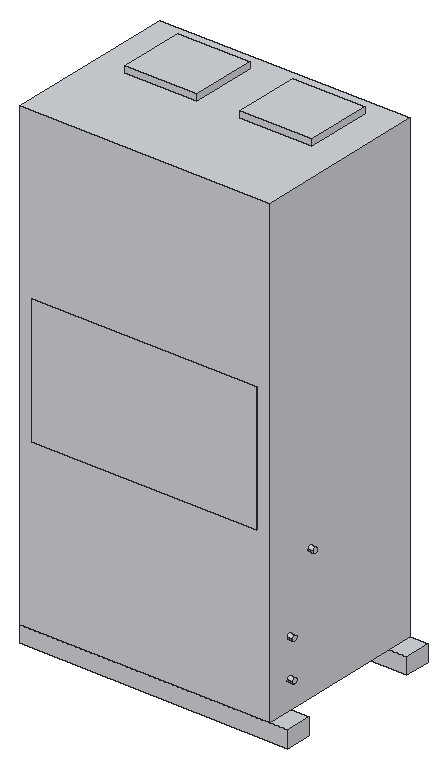
Revit family "M_Ar condicionado - Pacote vertical - Resfriado a água - 26-53 kW", category Equipamento mecânico, Revit 2019
Family settings
  Cota do conector redondo = Usar raio
  Tipo de parte = Normal
  Número OmniClass = 23.75.10.24.21.27.11
  Título OmniClass = Packaged Air Conditioners
  ID de item do Seek = Air Conditioner - Vertical Packaged - Water Cooled - 26-53 kW-0000-CAN-ENU
  Com base no plano de trabalho = Não
  Sempre na vertical = Sim
  Corte com vazios quando carregada = Não
  Compartilhado = Não
  Ponto de cálculo do ambiente = Não
Parameters (values of type "26 kW")
  Voltagem = 460 V
  Queda de pressão [instance] = 57984.9 Pa
  Raio da saída = 10 mm
  Diâmetro da saída = Raio da saída * 2  # 20 mm
  Número de pólos = 3
  Material da unidade = none
  Classificação de carga = Refrigeração
  Raio da embocadura = 10 mm
  Diâmetro da embocadura = Raio da embocadura * 2  # 20 mm
  Altura 2 = (Altura do condicionador - Altura 1) / 2  # 701.05 mm
  Altura 1 = 532.9 mm
  Fluxo [instance] = 1.45 L/s
  Largura do duto = 300 mm
  Altura do duto = 275 mm
  Raio da drenagem = 10 mm
  Fluxo da drenagem [instance] = 0.0 L/s
  Distância = 177.8 mm
  Largura do condicionador = 730 mm
  Comprimento do condicionador = 1039.9 mm
  Altura do condicionador = 1935 mm
  C5 Deslocamento 2 = 207.6 mm
  C5 Deslocamento 1 = 630.9 mm
  C4 Deslocamento 1 = 128 mm
  C3 Deslocamento 2 = 350.7 mm
  C3 Deslocamento 1 = 110.5 mm
  C2 Deslocamento 2 = 159 mm
  C1 Deslocamento 2 = 119.9 mm
  C1 Deslocamento 1 = 100.1 mm
  Carga aparente = 7600 VA
  Fluxo de ar [instance] = 1415.84 L/s
Types (5, lengths in mm): name | Queda de pressão | Raio da saída | Diâmetro da saída | Raio da embocadura | Diâmetro da embocadura | Altura 2 | Altura 1 | Fluxo | Largura do duto | Altura do duto | Raio da drenagem | Distância | Largura do condicionador | Comprimento do condicionador | Altura do condicionador | C5 Deslocamento 2 | C5 Deslocamento 1 | C4 Deslocamento 1 | C3 Deslocamento 2 | C2 Deslocamento 2 | C1 Deslocamento 2 | C1 Deslocamento 1 | Carga aparente | Fluxo de ar
  (no name) | 57984.9 Pa | 10 | 20 | 10 | 20 | 701.05 | 532.9 | 1.45 L/s | 300 | 275 | 10 | 177.8 | 730 | 1039.9 | 1935 | 207.6 | 630.9 | 128 | 350.7 | 159 | 119.9 | 100.1 | 7600 VA | 1415.84 L/s
  26 kW | 57984.9 Pa | 10 | 20 | 10 | 20 | 701.05 | 532.9 | 1.45 L/s | 300 | 275 | 10 | 177.8 | 730 | 1039.9 | 1935 | 207.6 | 630.9 | 128 | 350.7 | 159 | 119.9 | 100.1 | 7600 VA | 1415.84 L/s
  35 kW | 49918.0 Pa | 15 | 30 | 15 | 30 | 803.5 | 648 | 1.89 L/s | 400 | 350 | 50 | 249.9 | 749.8 | 1670.1 | 2255 | 249.3 | 666.8 | 178.8 | 360.7 | 190 | 132.9 | 109.4 | 10200 VA | 1887.79 L/s
  42 kW | 59184.6 Pa | 15 | 30 | 15 | 30 | 853.45 | 648 | 2.21 L/s | 400 | 350 | 50 | 249.9 | 749.8 | 1670.1 | 2354.9 | 249.3 | 666.8 | 178.8 | 460.8 | 190 | 132.9 | 109.4 | 12500 VA | 2265.35 L/s
  53 kW | 42740.6 Pa | 15 | 30 | 15 | 30 | 853.45 | 648 | 2.78 L/s | 400 | 350 | 50 | 249.9 | 749.8 | 2039.8 | 2354.9 | 249.3 | 666.8 | 503.6 | 460.8 | 130.1 | 120.9 | 109.4 | 14800 VA | 2831.68 L/s
Reference planes
  plane 1 "Centro (Frente/Trás)": y = 0
  plane 2: z = 0
  plane 3 "Centro (Esquerda/Direita)": x = 0
  plane 4: x = 1039.9
  plane 5: z = 2005.104
  plane 6: y = 730
  plane 7: z = 70.104
  plane 8: z = 771.154
  plane 9: z = 1304.054
  plane 10: x = 50.8
  plane 11: x = 989.1
  plane 12: x = 1116.1
  plane 13: y = 109.22
  plane 14: y = 620.78
  plane 15: z = 190.004
  plane 16: z = 349.004
  plane 17: y = 100.1
  plane 18: z = 350.7
  plane 19: y = 619.5
  plane 20: x = 1065.3
  plane 21: x = 128
  plane 22: x = 428
  plane 23: y = 387.182
  plane 24: y = 662.182
  plane 25: z = 2030.504
  plane 26: x = 605.8
  plane 27: x = 905.8
  plane 28: z = 630.9
  plane 29: y = 207.6
Forms (mm)
  Extrusion 1, solid, material <- "Material da unidade"
    sketch origin (0, 0, 0) x (1, 0, 0) y (0, 1, 0)
      loop
        line (0, 730) -> (0, 0) -> (1039.9, 0) -> (1039.9, 730) -> (0, 730)
    from 70.104 to 2005.104
  Extrusion 2, solid, material <- "Material da unidade", detail levels fine
    sketch origin (0, 0, 0) x (1, 0, 0) y (0, 0, 1)
      loop
        line (50.8, 1304.054) -> (50.8, 771.154) -> (989.1, 771.154) -> (989.1, 1304.054) -> (50.8, 1304.054)
    from -662.182 to 0
  Extrusion 3, solid, material <- "Material da unidade"
    sketch origin (0, 0, 0) x (1, 0, 0) y (0, 0, 1)
      loop
        line (0, 70.104) -> (0, 0) -> (1116.1, 0) -> (1116.1, 70.104) -> (0, 70.104)
    from -109.22 to 0
  Extrusion 4, solid, material <- "Material da unidade"
    sketch origin (0, 749.796, 0) x (1, 0, 0) y (0, 0, -1)
      loop
        line (0, -70.104) -> (1116.1, -70.104) -> (1116.1, 0) -> (0, 0) -> (0, -70.104)
    from -129.016 to -19.796
  Extrusion 5, solid, material <- "Material da unidade"
    sketch origin (0, 0, 0) x (0, 1, 0) y (0, 0, 1)
      loop
        circle (619.5, 350.7) r 12.7
    from 989.1 to 1039.9
  Extrusion 6, solid, material <- "Material da unidade"
    sketch origin (0, 0, 0) x (0, 1, 0) y (0, 0, 1)
      loop
        circle (100.1, 190.004) r 10
    from 1039.9 to 1065.3
  Extrusion 7, solid, material <- "Material da unidade"
    sketch origin (0, 0, 0) x (0, 1, 0) y (0, 0, 1)
      loop
        circle (100.1, 349.004) r 10
    from 1065.3 to 1039.9
  Extrusion 8, solid
    sketch origin (0, 0, 0) x (1, 0, 0) y (0, 1, 0)
      loop
        line (128, 662.182) -> (128, 387.182) -> (428, 387.182) -> (428, 662.182) -> (128, 662.182)
    from 2005.104 to 2030.504
  Extrusion 9, solid
    sketch origin (0, 0, 0) x (1, 0, 0) y (0, 1, 0)
      loop
        line (605.8, 662.182) -> (605.8, 387.182) -> (905.8, 387.182) -> (905.8, 662.182) -> (605.8, 662.182)
    from 2005.104 to 2030.504
  Extrusion 10, solid
    sketch origin (0, 0, 0) x (0, 1, 0) y (0, 0, 1)
      loop
        circle (207.6, 630.9) r 10
    from 1039.912 to 1065.3
Cuts and joins
  joined: Extrusion 1, Extrusion 5, Extrusion 6, Extrusion 7
Lines and regions (mm)
  model lines
    curve 1: line (50.8, 0, 1197.474) -> (989.1, 0, 1197.474)
    curve 2: line (50.8, 0, 1090.894) -> (989.1, 0, 1090.894)
    curve 3: line (50.8, 0, 984.314) -> (989.1, 0, 984.314)
    curve 4: line (50.8, 0, 877.734) -> (989.1, 0, 877.734)
Dimensions and locks
  "Comprimento do condicionador": plane 4 to plane 3 "Centro (Esquerda/Direita)"
  "Largura do condicionador": plane 1 "Centro (Frente/Trás)" to plane 6
  locked: plane 7 to plane 2 at 70.104
  "Altura do condicionador": plane 5 to plane 7
  "Altura 2": plane 8 to plane 7
  "Altura 1": plane 9 to plane 8
  locked: plane 10 to plane 3 "Centro (Esquerda/Direita)" at 50.8
  locked: plane 4 to plane 11 at 50.8
  locked: plane 12 to plane 4 at 76.2
  locked: plane 1 "Centro (Frente/Trás)" to plane 13 at 109.22
  locked: plane 14 to plane 6 at 109.22
  "C1 Deslocamento 2": plane 15 to plane 7
  "C2 Deslocamento 2": plane 16 to plane 15
  "C1 Deslocamento 1": plane 1 "Centro (Frente/Trás)" to plane 17
  "C3 Deslocamento 2": plane 18 to plane 2
  "C3 Deslocamento 1": plane 19 to plane 6
  locked: plane 4 to plane 20 at 25.4
  equal spacing: plane 9, curve 1, curve 2, curve 3, curve 4, plane 8
  "C4 Deslocamento 1": plane 3 "Centro (Esquerda/Direita)" to plane 21
  "Largura do duto": plane 21 to plane 22
  locked: plane 24 to plane 6 at 67.818
  "Altura do duto": plane 24 to plane 23
  locked: plane 25 to plane 5 at 25.4
  "Distância": plane 22 to plane 26
  "Largura do duto": plane 26 to plane 27
  "C5 Deslocamento 1": plane 28 to plane 2
  "C5 Deslocamento 2": plane 29 to plane 1 "Centro (Frente/Trás)"
  radius of Extrusion 5 sketch curve = 12.7 mm
  "Raio da embocadura": radius of Extrusion 6 sketch curve
  "Raio da saída": radius of Extrusion 7 sketch curve
  "Raio da drenagem": radius of Extrusion 10 sketch curve
  aligned and locked: plane 3 "Centro (Esquerda/Direita)" to Extrusion 1 sketch curve
  aligned and locked: plane 6 to Extrusion 1 sketch curve
  aligned and locked: plane 1 "Centro (Frente/Trás)" to Extrusion 1 sketch curve
  aligned and locked: Extrusion 1 sketch curve to plane 4
  aligned and locked: plane 5 to Extrusion 1
  aligned and locked: Extrusion 1 to plane 7
  aligned and locked: plane 10 to Extrusion 2 sketch curve
  aligned and locked: Extrusion 2 sketch curve to plane 9
  aligned and locked: plane 8 to Extrusion 2 sketch curve
  aligned and locked: Extrusion 2 sketch curve to plane 11
  aligned and locked: plane 2 to Extrusion 3 sketch curve
  aligned and locked: Extrusion 3 sketch curve to plane 7
  aligned and locked: plane 3 "Centro (Esquerda/Direita)" to Extrusion 3 sketch curve
  aligned and locked: Extrusion 3 sketch curve to plane 12
  aligned and locked: plane 1 "Centro (Frente/Trás)" to Extrusion 2
  aligned and locked: Extrusion 3 to plane 13
  aligned and locked: plane 1 "Centro (Frente/Trás)" to Extrusion 3
  aligned and locked: Extrusion 4 to plane 6
  aligned and locked: plane 14 to Extrusion 4
  aligned and locked: plane 7 to Extrusion 3
  aligned and locked: Extrusion 3 to plane 2
  aligned and locked: Extrusion 3 to plane 3 "Centro (Esquerda/Direita)"
  aligned and locked: plane 12 to Extrusion 3
  aligned and locked: plane 19 to Extrusion 5 sketch curve
  aligned and locked: plane 18 to Extrusion 5 sketch curve
  aligned and locked: plane 17 to Extrusion 6 sketch curve
  aligned and locked: plane 15 to Extrusion 6 sketch curve
  aligned and locked: plane 16 to Extrusion 7 sketch curve
  aligned and locked: plane 17 to Extrusion 7 sketch curve
  aligned and locked: plane 20 to Extrusion 7
  aligned and locked: Extrusion 7 to plane 4
  aligned and locked: plane 20 to Extrusion 6
  aligned and locked: Extrusion 6 to plane 4
  aligned and locked: plane 4 to Extrusion 5
  aligned and locked: Extrusion 5 to plane 11
  aligned and locked: plane 10 to curve 1
  aligned and locked: plane 11 to curve 1
  aligned and locked: plane 10 to curve 2
  aligned and locked: plane 11 to curve 2
  aligned and locked: plane 10 to curve 3
  aligned and locked: plane 11 to curve 3
  aligned and locked: plane 10 to curve 4
  aligned and locked: plane 11 to curve 4
  aligned and locked: plane 21 to Extrusion 8 sketch curve
  aligned and locked: Extrusion 8 sketch curve to plane 24
  aligned and locked: plane 23 to Extrusion 8 sketch curve
  aligned and locked: Extrusion 8 sketch curve to plane 22
  aligned and locked: Extrusion 8 to plane 5
  aligned and locked: plane 25 to Extrusion 8
  aligned and locked: plane 24 to Extrusion 2
  aligned and locked: plane 26 to Extrusion 9 sketch curve
  aligned and locked: Extrusion 9 sketch curve to plane 24
  aligned and locked: plane 23 to Extrusion 9 sketch curve
  aligned and locked: Extrusion 9 sketch curve to plane 27
  aligned and locked: Extrusion 9 to Extrusion 8
  aligned and locked: Extrusion 9 to plane 5
  aligned and locked: plane 28 to Extrusion 10 sketch curve
  aligned and locked: plane 29 to Extrusion 10 sketch curve
  aligned and locked: plane 20 to Extrusion 10
Automatic sketch dimensions
  Extrusion 4 sketch curve to level = 0 mm
  Extrusion 4 sketch curve to plane 3 "Centro (Esquerda/Direita)" = 0 mm
  Extrusion 4 sketch curve to plane 12 = 0 mm
  Extrusion 4 sketch curve to plane 7 = 0 mm
Connectors
  piping at (1065.3, 100.1, 190.004), diameter 20, driven by "Fluxo", driven by "Raio da embocadura"
    settings: on Extrusion 6, index 1, connector inside diameter 20 mm, connector length 0 mm, flow factor 0, pipe flow 1.45 L/s, pressure drop 0.0 Pa, fitting loss kfactor 0, connector angle 0.00°, fixture units 0, engagement length 0 mm, angle of deflection 0.00°, flow configuration 1, flow direction 1, fitting loss method 4, system type 7, joint type 0, gender type 0, connector reference index 2, connector utility 0, adjustable connector no, is connector primary yes, connector description "Entrada de material criogênico"
  piping at (1065.3, 100.1, 349.004), diameter 20, driven by "Queda de pressão", driven by "Fluxo", driven by "Raio da saída"
    settings: on Extrusion 7, index 2, connector inside diameter 20 mm, connector length 0 mm, flow factor 0, pipe flow 1.45 L/s, pressure drop 57984.9 Pa, fitting loss kfactor 0, connector angle 0.00°, fixture units 0, engagement length 0 mm, angle of deflection 0.00°, flow configuration 1, flow direction 2, fitting loss method 4, system type 8, joint type 0, gender type 0, connector reference index 1, connector utility 0, adjustable connector no, is connector primary no, connector description "Saída de material criogênico"
  electrical at (1039.9, 619.5, 350.7), driven by "Carga aparente", driven by "Voltagem", driven by "Número de pólos", driven by "Classificação de carga"
    settings: on Extrusion 5, index 3, voltage 460 V, apparent load 7600 VA, apparent load phase1 0 VA, apparent load phase2 0 VA, apparent load phase3 0 VA, power factor 0.8, load classification "Refrigeração", number of poles 3, system type 30, power factor state 1, is connector primary yes, connector utility no, sub classification motor no, connector description ""
  hvac at (278, 524.682, 2030.504), driven by "Fluxo de ar", driven by "Altura do duto", driven by "Largura do duto"
    settings: on Extrusion 8, index 4, duct flow 1415.84 L/s, flow factor 0, pres drop 0.0 Pa, loss coef 0, conn angle 0.00°, conn width 300 mm, conn height 275 mm, conn diameter 609.6 mm, duct sys type 1, conn prof type 1, flow config 0, flow direction 2, loss method 0, conn ref index -1, conn util no, is conn primary yes, conn desc ""
  hvac at (755.8, 524.682, 2030.504), driven by "Fluxo de ar", driven by "Altura do duto", driven by "Largura do duto"
    settings: on Extrusion 9, index 5, duct flow 1415.84 L/s, flow factor 0, pres drop 0.0 Pa, loss coef 0, conn angle 0.00°, conn width 300 mm, conn height 275 mm, conn diameter 609.6 mm, duct sys type 1, conn prof type 1, flow config 0, flow direction 2, loss method 0, conn ref index -1, conn util no, is conn primary no, conn desc ""
  piping at (1065.3, 207.6, 630.9), diameter 20, driven by "Fluxo da drenagem", driven by "Raio da drenagem"
    settings: on Extrusion 10, index 6, connector inside diameter 20 mm, connector length 0 mm, flow factor 0, pipe flow 0.0 L/s, pressure drop 0.0 Pa, fitting loss kfactor 0, connector angle 0.00°, fixture units 0, engagement length 0 mm, angle of deflection 0.00°, flow configuration 1, flow direction 2, fitting loss method 0, system type 16, joint type 0, gender type 0, connector reference index -1, connector utility 0, adjustable connector yes, is connector primary no, connector description ""
